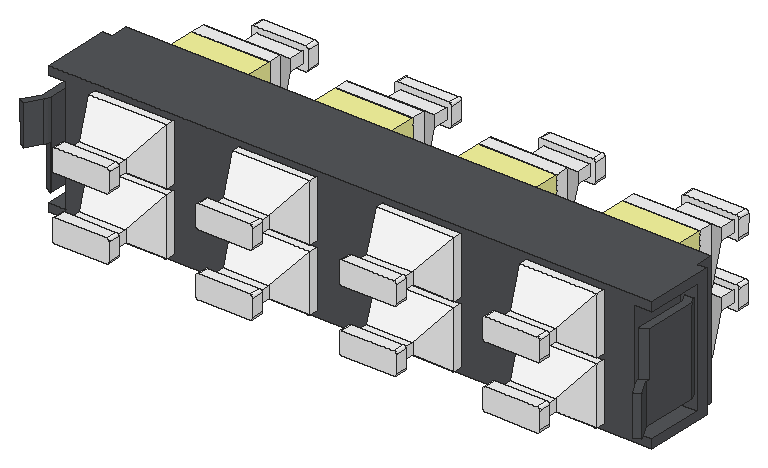
Revit family "Adaptateur 8 MTP", category Installations électriques, Revit 2020 (continued)
Automatic sketch dimensions
  Extrusion 48 sketch curve to Extrusion 48 sketch curve = 0.5 mm
  Extrusion 46 to Extrusion 49 sketch curve = 1 mm
  Extrusion 46 to Extrusion 49 sketch curve = 0.5 mm  (x3)
  Extrusion 49 sketch curve to Extrusion 49 sketch curve = 0.5 mm  (x2)
  Extrusion 46 to Extrusion 49 sketch curve = 12 mm
  Extrusion 49 sketch curve to Extrusion 49 sketch curve = 3 mm
  plane 20 to SweptBlend 50 sketch curve = 8 mm
  SweptBlend 50 sketch curve to plane 18 = 6.75 mm
  plane 20 to SweptBlend 50 sketch curve = 2.5 mm
  profile plane to SweptBlend 50 sketch curve = 4 mm
  profile plane to SweptBlend 50 sketch curve = 1 mm
  SweptBlend 50 sketch curve to profile plane = 4 mm
  SweptBlend 50 sketch curve to SweptBlend 50 sketch curve = 2 mm
  profile plane to SweptBlend 50 sketch curve = 6.75 mm
  SweptBlend 50 sketch curve to profile plane = 6.75 mm
  SweptBlend 50 sketch curve to profile plane = 3 mm
  profile plane to SweptBlend 50 sketch curve = 7 mm
  plane 20 to SweptBlend 52 sketch curve = 8 mm
  SweptBlend 52 sketch curve to plane 23 = 6.75 mm
  plane 20 to SweptBlend 52 sketch curve = 2.5 mm
  profile plane to SweptBlend 52 sketch curve = 6.75 mm
  SweptBlend 52 sketch curve to profile plane = 6.75 mm
  SweptBlend 52 sketch curve to plane 4 "Clip bas" = 3 mm
  plane 4 "Clip bas" to SweptBlend 52 sketch curve = 7 mm
  Extrusion 51 to Extrusion 53 sketch curve = 0.5 mm  (x3)
  Extrusion 53 sketch curve to Extrusion 53 sketch curve = 0.5 mm
  Extrusion 51 to Extrusion 54 sketch curve = 1 mm
  Extrusion 51 to Extrusion 54 sketch curve = 0.5 mm  (x3)
  Extrusion 54 sketch curve to Extrusion 54 sketch curve = 0.5 mm  (x2)
  Extrusion 51 to Extrusion 54 sketch curve = 12 mm
  Extrusion 54 sketch curve to Extrusion 54 sketch curve = 3 mm
  plane 20 to SweptBlend 55 sketch curve = 8 mm
  SweptBlend 55 sketch curve to plane 23 = 6.75 mm
  plane 20 to SweptBlend 55 sketch curve = 2.5 mm
  profile plane to SweptBlend 55 sketch curve = 4 mm
  profile plane to SweptBlend 55 sketch curve = 1 mm
  SweptBlend 55 sketch curve to profile plane = 4 mm
  SweptBlend 55 sketch curve to SweptBlend 55 sketch curve = 2 mm
  profile plane to SweptBlend 55 sketch curve = 6.75 mm
  SweptBlend 55 sketch curve to profile plane = 6.75 mm
  SweptBlend 55 sketch curve to profile plane = 3 mm
  profile plane to SweptBlend 55 sketch curve = 7 mm
  Extrusion 8 sketch curve to plane 11 = 0 mm
  Extrusion 8 sketch curve to plane 12 = 0 mm
  Extrusion 8 sketch curve to plane 24 = 0 mm  (x2)
  plane 23 to Extrusion 8 sketch curve = 0 mm  (x2)
  Extrusion 8 sketch curve to plane 9 = 0 mm
  Extrusion 8 sketch curve to plane 10 = 0 mm
Types (2, lengths in mm): name | Type de fibre optique | Référence Legrand | Lien e-catalogue | Libellé BIM | EAN | Couleur des connecteurs
  Adaptateur 8 MTP traversée multimode | "Multimode" | "032118" | "https://www.legrand.fr/reference/032118/pro" | "Adaptateur 8 MTP traversée multimode" | "3414971929234" | IDS_JAUNE
  Adaptateur 8 MTP traversée monomode | "Monomode" | "032119" | "https://www.legrand.fr/reference/032119/pro" | "Adaptateur 8 MTP traversée monomode" | "3414971929241" | IDS_VERT
